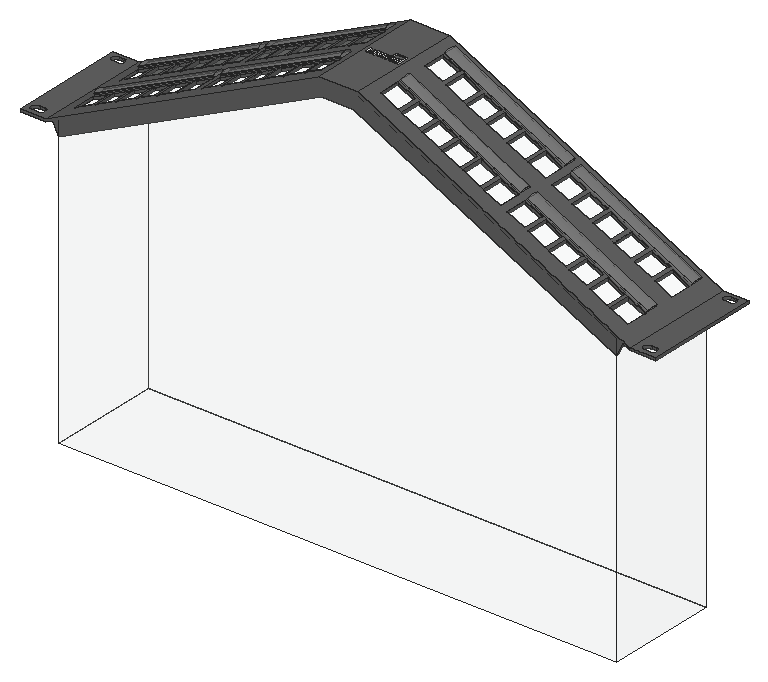
Revit family "Data_Device-Network-Leviton-Patch_Panel-Angled", category Data Devices, host Face, Revit 2024 (continued)
Automatic sketch dimensions
  curve 52 to plane 7 "Recess" = 0.19682"
  curve 52 to plane 17 = 0.40894"
  plane 29 "Connector Host" to curve 53 = 0.03543"
  curve 53 to plane 17 = 0.22251"
  curve 54 to plane 17 = 0.02725"
  curve 57 to plane 17 = 0.01000"
  curve 55 to plane 5 "Right" = 0.00000"
  plane 3 "Center (Left/Right)" to curve 50 = 0.46801"
  curve 49 to plane 3 "Center (Left/Right)" = 0.46801"
  curve 64 to plane 7 "Recess" = 0.19682"
  plane 16 to curve 64 = 0.40894"
  plane 29 "Connector Host" to curve 63 = 0.03543"
  plane 16 to curve 63 = 0.22251"
  plane 16 to curve 63 = 0.02725"
  plane 16 to curve 59 = 0.01000"
  plane 4 "Left" to curve 60 = 0.00000"
  curve 49 to plane 30 "Front" = 0.50000"
  plane 24 to Extrusion 10 sketch curve = 0.07833"  (x2)
  plane 24 to Extrusion 10 sketch curve = 0.36536"  (x2)
  plane 24 to Extrusion 10 sketch curve = 0.41007"
  Extrusion 10 sketch curve to Extrusion 10 sketch curve = 0.09168"  (x20)
  plane 24 to Extrusion 10 sketch curve = 0.37861"  (x2)
  Extrusion 10 sketch curve to Extrusion 10 sketch curve = 0.01534"  (x24)
  plane 24 to Extrusion 10 sketch curve = 0.66564"  (x2)
  plane 24 to Extrusion 10 sketch curve = 0.71036"
  plane 24 to Extrusion 10 sketch curve = 0.67890"  (x2)
  plane 24 to Extrusion 10 sketch curve = 0.96593"  (x2)
  plane 24 to Extrusion 10 sketch curve = 1.01064"
  plane 24 to Extrusion 10 sketch curve = 0.97918"  (x2)
  plane 24 to Extrusion 10 sketch curve = 1.26621"  (x2)
  plane 24 to Extrusion 10 sketch curve = 1.31093"
  plane 24 to Extrusion 10 sketch curve = 1.27947"
  plane 24 to Extrusion 10 sketch curve = 1.56650"  (x2)
  plane 24 to Extrusion 10 sketch curve = 1.61121"
  plane 24 to Extrusion 10 sketch curve = 1.57976"
  plane 24 to Extrusion 10 sketch curve = 1.86679"  (x2)
  Extrusion 10 sketch curve to Extrusion 10 sketch curve = 0.19054"  (x2)
  Extrusion 10 sketch curve to plane 30 "Front" = 1.92465"
  Extrusion 10 sketch curve to plane 30 "Front" = 1.63762"  (x2)
  Extrusion 10 sketch curve to Extrusion 10 sketch curve = 0.52400"  (x5)
  Extrusion 10 sketch curve to plane 30 "Front" = 1.59291"
  Extrusion 10 sketch curve to plane 30 "Front" = 1.62437"  (x2)
  Extrusion 10 sketch curve to plane 30 "Front" = 1.33734"  (x2)
  Extrusion 10 sketch curve to plane 30 "Front" = 1.29262"
  Extrusion 10 sketch curve to plane 30 "Front" = 1.32408"  (x2)
  Extrusion 10 sketch curve to plane 30 "Front" = 1.03705"  (x2)
  Extrusion 10 sketch curve to plane 30 "Front" = 0.99234"
  Extrusion 10 sketch curve to plane 30 "Front" = 1.02380"  (x2)
  Extrusion 10 sketch curve to plane 30 "Front" = 0.73677"  (x2)
  Extrusion 10 sketch curve to plane 30 "Front" = 0.69205"
  Extrusion 10 sketch curve to plane 30 "Front" = 0.72351"  (x2)
  Extrusion 10 sketch curve to plane 30 "Front" = 0.43648"  (x2)
  Extrusion 10 sketch curve to plane 30 "Front" = 0.39177"
  Extrusion 10 sketch curve to plane 30 "Front" = 0.42322"  (x2)
  Extrusion 10 sketch curve to plane 30 "Front" = 0.13619"  (x2)
  Extrusion 10 sketch curve to plane 30 "Front" = 0.16765"
  Extrusion 10 sketch curve to plane 3 "Center (Left/Right)" = 0.85879"
  Extrusion 10 sketch curve to plane 30 "Front" = 0.46794"
  Extrusion 10 sketch curve to plane 30 "Front" = 0.76822"
  Extrusion 10 sketch curve to plane 30 "Front" = 1.06851"
  Extrusion 10 sketch curve to plane 30 "Front" = 1.36880"
  plane 24 to Extrusion 10 sketch curve = 1.23476"
  plane 24 to Extrusion 10 sketch curve = 0.63418"
  plane 24 to Extrusion 10 sketch curve = 0.33390"  (x2)
  Extrusion 10 sketch curve to Extrusion 10 sketch curve = 0.04471"  (x2)
  Extrusion 10 sketch curve to Extrusion 10 sketch curve = 0.09293"
  Extrusion 11 sketch curve to plane 17 = 0.22100"
  plane 16 to Extrusion 11 sketch curve = 0.27900"
  curve 68 to plane 44 = 0.33500"
  curve 65 to plane 31 "Upper Interior" = 0.01470"
  plane 26 to Extrusion 8 = 0.00000"
  curve 70 to plane 31 "Upper Interior" = 0.01470"
  plane 24 to Extrusion 12 sketch curve = 0.10978"
  Extrusion 12 sketch curve to plane 17 = 0.48059"
  level to Extrusion 12 sketch curve = 0.27833"
  plane 24 to Extrusion 12 sketch curve = 0.36536"
  plane 24 to Extrusion 12 sketch curve = 0.41007"
  Extrusion 12 sketch curve to Extrusion 12 sketch curve = 0.09168"  (x20)
  plane 24 to Extrusion 12 sketch curve = 0.37861"  (x2)
  Extrusion 12 sketch curve to Extrusion 12 sketch curve = 0.01534"  (x22)
  plane 24 to Extrusion 12 sketch curve = 0.66564"  (x2)
  plane 24 to Extrusion 12 sketch curve = 0.71036"
  plane 24 to Extrusion 12 sketch curve = 0.67890"  (x2)
  plane 24 to Extrusion 12 sketch curve = 0.96593"  (x2)
  plane 24 to Extrusion 12 sketch curve = 1.01064"
  plane 24 to Extrusion 12 sketch curve = 0.97918"  (x2)
  plane 24 to Extrusion 12 sketch curve = 1.26621"  (x2)
  plane 24 to Extrusion 12 sketch curve = 1.31093"
  plane 24 to Extrusion 12 sketch curve = 1.27947"
  plane 24 to Extrusion 12 sketch curve = 1.56650"  (x2)
  plane 24 to Extrusion 12 sketch curve = 1.61121"
  plane 24 to Extrusion 12 sketch curve = 1.57976"
  plane 24 to Extrusion 12 sketch curve = 1.86679"  (x2)
  Extrusion 12 sketch curve to plane 30 "Front" = 1.89320"
  Extrusion 12 sketch curve to Extrusion 12 sketch curve = 0.19054"  (x2)
  Extrusion 12 sketch curve to plane 30 "Front" = 1.92465"
  Extrusion 12 sketch curve to plane 30 "Front" = 1.63762"  (x2)
  Extrusion 12 sketch curve to plane 30 "Front" = 1.59291"
  Extrusion 12 sketch curve to plane 30 "Front" = 1.62437"  (x2)
  Extrusion 12 sketch curve to plane 30 "Front" = 1.33734"  (x2)
  Extrusion 12 sketch curve to plane 30 "Front" = 1.29262"
  Extrusion 12 sketch curve to plane 30 "Front" = 1.32408"  (x2)
  Extrusion 12 sketch curve to plane 30 "Front" = 1.03705"  (x2)
  Extrusion 12 sketch curve to plane 30 "Front" = 0.99234"
  Extrusion 12 sketch curve to plane 30 "Front" = 1.02380"  (x2)
  Extrusion 12 sketch curve to plane 30 "Front" = 0.73677"  (x2)
  Extrusion 12 sketch curve to plane 30 "Front" = 0.69205"
  Extrusion 12 sketch curve to plane 30 "Front" = 0.72351"  (x2)
  Extrusion 12 sketch curve to plane 30 "Front" = 0.43648"  (x2)
  Extrusion 12 sketch curve to plane 30 "Front" = 0.39177"
  Extrusion 12 sketch curve to plane 30 "Front" = 0.42322"  (x2)
  Extrusion 12 sketch curve to plane 30 "Front" = 0.13619"  (x2)
  Extrusion 12 sketch curve to plane 30 "Front" = 0.16765"
  Extrusion 12 sketch curve to plane 3 "Center (Left/Right)" = 0.85879"
  Extrusion 12 sketch curve to plane 30 "Front" = 0.46794"
  Extrusion 12 sketch curve to plane 30 "Front" = 0.76822"
  Extrusion 12 sketch curve to plane 30 "Front" = 1.06851"
  Extrusion 12 sketch curve to plane 30 "Front" = 1.36880"
  Extrusion 12 sketch curve to Extrusion 12 sketch curve = 0.52400"  (x4)
  plane 24 to Extrusion 12 sketch curve = 1.23476"
  plane 24 to Extrusion 12 sketch curve = 0.63418"
  plane 24 to Extrusion 12 sketch curve = 0.33390"
  level to Extrusion 12 sketch curve = 0.56536"
  plane 24 to Extrusion 12 sketch curve = 0.07833"
  Extrusion 12 sketch curve to Extrusion 12 sketch curve = 0.04471"  (x2)
  Extrusion 12 sketch curve to Extrusion 12 sketch curve = 0.09293"
  plane 3 "Center (Left/Right)" to Extrusion 10 sketch curve = 0.85879"
  plane 23 to Extrusion 5 sketch curve = 0.15905"  (x2)
  plane 3 "Center (Left/Right)" to Extrusion 5 sketch curve = 0.45415"
  Extrusion 5 sketch curve to plane 3 "Center (Left/Right)" = 0.45416"
  Extrusion 5 sketch curve to Extrusion 5 sketch curve = 0.10255"
  plane 29 "Connector Host" to Extrusion 5 sketch curve = 0.03543"
  plane 16 to Extrusion 5 sketch curve = 0.43525"
  plane 44 to curve 73 = 0.33500"
  plane 16 to Sweep 13 sketch curve = 0.48278"
  Sweep 13 sketch curve to profile plane = 0.25915"
  profile plane to Sweep 13 sketch curve = 0.05109"
  Sweep 13 sketch curve to Sweep 13 sketch curve = 0.00000"
  plane 9 "Bottom" to Sweep 13 sketch curve = 1.18500"
  Sweep 13 sketch curve to Sweep 13 sketch curve = 0.19000"
  Sweep 13 sketch curve to profile plane = 0.00000"
  Extrusion 14 sketch curve to Extrusion 14 sketch curve = 0.06926"
  plane 30 "Front" to Extrusion 14 sketch curve = 0.12895"  (x2)
  plane 33 to Extrusion 14 sketch curve = 0.00000"
  Extrusion 14 sketch curve to plane 30 "Front" = 1.62604"
  Extrusion 14 sketch curve to plane 32 = 0.00000"
  Extrusion 14 sketch curve to Extrusion 14 sketch curve = 0.13151"
  plane 33 to Sweep 15 sketch curve = 0.00000"  (x2)
  Sweep 15 sketch curve to plane 30 "Front" = 0.00000"
  Sweep 15 sketch curve to plane 32 = 0.00000"  (x2)
  plane 24 to Sweep 15 sketch curve = 0.10529"  (x2)
  Sweep 15 sketch curve to profile plane = 0.00000"
  Sweep 15 sketch curve to Sweep 15 sketch curve = 0.05109"  (x4)
  Sweep 15 sketch curve to profile plane = 0.25915"
Nested families (in)
  nested 1: "Symbol" at (-0.9065, -0.81578, 0), type <- "Annotation Symbol", visible <- "Annotation Symbol is Visible", type "Data"
  nested 2: "Levinton-Logo" at (-0.9065, -0.63558, 4.05292), type "Levinton-Logo"
  nested 3: "Levinton-Numbers_Angled" at (-5.48988, -1.98422, 2.10203) x (0.8988, 0, 0.4384) z (-0.4384, 0, 0.8988), visible <- "z Is Visible 2RU", type "Levinton-Numbers_Angled"
    with Numbers 37 to 48 no, Numbers 25 to 36 yes, Numbers 13 to 24 no, Numbers 1 to 12 no
  nested 4: "Levinton-Numbers_Angled" at (-5.48988, -0.315, 2.10203) x (0.8988, 0, 0.4384) z (-0.4384, 0, 0.8988), visible <- "z Is Visible 2RU", type "Levinton-Numbers_Angled"
    with Numbers 37 to 48 no, Numbers 25 to 36 no, Numbers 13 to 24 no, Numbers 1 to 12 yes
  nested 5: "Levinton-Numbers_Angled" at (3.65168, -1.98422, 2.11432) x (0.8988, 0, -0.4384) z (0.4384, 0, 0.8988), visible <- "z Is Visible 2RU", type "Levinton-Numbers_Angled"
    with Numbers 37 to 48 yes, Numbers 25 to 36 no, Numbers 13 to 24 no, Numbers 1 to 12 no
  nested 6: "Levinton-Numbers_Angled" at (3.65168, -0.315, 2.11432) x (0.8988, 0, -0.4384) z (0.4384, 0, 0.8988), visible <- "z Is Visible 2RU", type "Levinton-Numbers_Angled"
    with Numbers 37 to 48 no, Numbers 25 to 36 no, Numbers 13 to 24 yes, Numbers 1 to 12 no
  nested 7: "Levinton-Numbers_Angled" at (-5.48988, -1.98422, 2.10203) x (0.8988, 0, 0.4384) z (-0.4384, 0, 0.8988), visible <- "z Has 24 Ports", type "Levinton-Numbers_Angled"
    with Numbers 37 to 48 no, Numbers 25 to 36 no, Numbers 13 to 24 no, Numbers 1 to 12 yes
  nested 8: "Levinton-Numbers_Angled" at (3.65168, -1.98422, 2.11432) x (0.8988, 0, -0.4384) z (0.4384, 0, 0.8988), visible <- "z Has 24 Ports", type "Levinton-Numbers_Angled"
    with Numbers 37 to 48 no, Numbers 25 to 36 no, Numbers 13 to 24 yes, Numbers 1 to 12 no
Definition of nested family "Levinton-Logo"
  Parameters (values of type "Levinton-Logo")
    Default Elevation = 48.00000"
  Reference planes (in)
    plane 1 "Center (Front/Back)": y = 0
    plane 2: z = 0
    plane 3 "Center (Left/Right)": x = 0
    plane 4: x = -0.47832
    plane 5: x = 0.47832
    plane 6 "Logo Bottom": z = -0.01563
    plane 7: y = 0.33993
    plane 8: y = 0.16996
  Forms (in)
    Extrusion 1, solid
      sketch origin (0, 0, -0.01563) x (-1, 0, 0) y (0, -1, 0)
        loop
          line (0.37208, -0.04145) -> (0.43368, -0.04145) -> (0.43368, -0.16616) -> (0.47832, -0.16616) -> (0.47832, 0) -> (0.37208, 0) -> (0.37208, -0.04145)
        loop
          line (0.23363, -0.16616) -> (0.35056, -0.16616) -> (0.35056, 0) -> (0.23363, 0) -> (0.23363, -0.04145) -> (0.30592, -0.04145) -> (0.30592, -0.1247) -> (0.23363, -0.1247) -> (0.23363, -0.16616)
        loop
          line (0.2121, -0.16616) -> (0.15875, 0) -> (0.10602, 0) -> (0.05266, -0.16616) -> (0.10037, -0.16616) -> (0.13238, -0.06378) -> (0.1644, -0.16616) -> (0.2121, -0.16616)
        loop
          line (-0.01351, 0) -> (-0.01351, -0.16616) -> (0.03114, -0.16616) -> (0.03114, 0) -> (-0.01351, 0)
        loop
          line (-0.07341, -0.1247) -> (-0.07341, 0) -> (-0.11805, 0) -> (-0.11805, -0.11799) -> (-0.15632, -0.11799) -> (-0.15632, -0.07972)
          arc (-0.15632, -0.07972) -> (-0.17967, -0.02335) -> (-0.23604, 0) r 0.07972
          line (-0.23604, 0) -> (-0.47832, 0) -> (-0.47832, -0.33993) -> (-0.15632, -0.33993) -> (-0.15632, -0.16616) -> (-0.03514, -0.16616) -> (-0.03514, -0.1247) -> (-0.07341, -0.1247)
        loop
          arc (-0.16474, -0.11538) -> (-0.29241, -0.13609) -> (-0.27169, -0.00842) r 0.07972
          line (-0.27169, -0.00842) -> (-0.33821, -0.00842) -> (-0.33821, -0.16616) -> (-0.37422, -0.16616) -> (-0.43368, -0.07972) -> (-0.43368, -0.16616) -> (-0.4699, -0.16616) -> (-0.4699, -0.33151) -> (-0.16474, -0.33151) -> (-0.16474, -0.11538)
        loop
          circle (-0.23604, -0.07972) r 0.03827
        loop
          line (-0.38285, -0.07972) -> (-0.38285, -0.00842) -> (-0.43575, -0.00842) -> (-0.38285, -0.07972)
      from 0 to 0.03125
    Extrusion 2, solid
      sketch origin (0, 0, -0.01563) x (-1, 0, 0) y (0, -1, 0)
        loop
          line (0.25372, -0.07049) -> (0.25372, -0.10238) -> (0.30592, -0.10238) -> (0.30592, -0.07049) -> (0.25372, -0.07049)
      from 0 to 0.03125
  Cuts and joins
    joined: Extrusion 1, Extrusion 2
  Dimensions and locks (in)
    plane 4 to plane 3 "Center (Left/Right)" to plane 5 = 0.47832" locked, 0.47832" locked
    locked: plane 2 to plane 6 "Logo Bottom" at 0.01562
    equal spacing: plane 7, plane 8, plane 1 "Center (Front/Back)"
    locked: plane 7 to plane 1 "Center (Front/Back)" at 0.33993
  Automatic sketch dimensions
    Extrusion 1 sketch curve to Extrusion 1 sketch curve = 0.00000"  (x13)
    Extrusion 1 sketch curve to plane 5 = 0.00000"
    plane 1 "Center (Front/Back)" to Extrusion 1 sketch curve = 0.00000"  (x6)
    Extrusion 1 sketch curve to plane 7 = 0.00000"
    Extrusion 1 sketch curve to plane 4 = 0.00000"
    Extrusion 1 sketch curve to plane 8 = 0.00381"  (x8)
    Extrusion 1 sketch curve to plane 5 = 0.00842"
    Extrusion 1 sketch curve to plane 1 "Center (Front/Back)" = 0.00842"  (x2)
    Extrusion 1 sketch curve to plane 5 = 0.04257"
    Extrusion 1 sketch curve to Extrusion 1 sketch curve = 0.03622"
    Extrusion 1 sketch curve to Extrusion 1 sketch curve = 0.05083"
    Extrusion 1 sketch curve to Extrusion 1 sketch curve = 0.05946"
    Extrusion 1 sketch curve to Extrusion 1 sketch curve = 0.03602"
    Extrusion 1 sketch curve to Extrusion 1 sketch curve = 0.06651"
    Extrusion 1 sketch curve to Extrusion 1 sketch curve = 0.03566"
    Extrusion 1 sketch curve to plane 7 = 0.00842"
    plane 3 "Center (Left/Right)" to Extrusion 1 sketch curve = 0.16474"
    Extrusion 1 sketch curve to Extrusion 1 sketch curve = 0.00842"  (x2)
    Extrusion 1 sketch curve to Extrusion 1 sketch curve = 0.03827"  (x2)
    Extrusion 1 sketch curve to Extrusion 1 sketch curve = 0.04464"  (x2)
    plane 3 "Center (Left/Right)" to Extrusion 1 sketch curve = 0.03514"
    plane 3 "Center (Left/Right)" to Extrusion 1 sketch curve = 0.01351"
    Extrusion 1 sketch curve to plane 3 "Center (Left/Right)" = 0.03114"
    Extrusion 1 sketch curve to Extrusion 1 sketch curve = 0.02152"  (x3)
    Extrusion 1 sketch curve to Extrusion 1 sketch curve = 0.04771"  (x2)
    Extrusion 1 sketch curve to Extrusion 1 sketch curve = 0.07488"  (x2)
    Extrusion 1 sketch curve to plane 1 "Center (Front/Back)" = 0.06378"
    Extrusion 1 sketch curve to Extrusion 1 sketch curve = 0.02636"
    Extrusion 1 sketch curve to Extrusion 1 sketch curve = 0.05273"
    Extrusion 1 sketch curve to Extrusion 1 sketch curve = 0.06403"
    Extrusion 1 sketch curve to Extrusion 1 sketch curve = 0.07229"
    plane 4 to Extrusion 1 sketch curve = 0.04464"
    Extrusion 1 sketch curve to Extrusion 1 sketch curve = 0.04145"  (x2)
    Extrusion 1 sketch curve to Extrusion 1 sketch curve = 0.00261"
    Extrusion 1 sketch curve to Extrusion 1 sketch curve = 0.07130"
    Extrusion 1 sketch curve to plane 1 "Center (Front/Back)" = 0.04145"  (x2)
    Extrusion 2 sketch curve to plane 8 = 0.06758"
    plane 4 to Extrusion 2 sketch curve = 0.22460"
    Extrusion 2 sketch curve to Extrusion 2 sketch curve = 0.05220"
    Extrusion 2 sketch curve to Extrusion 2 sketch curve = 0.03189"
Definition of nested family "Symbol"
  Parameters
    Tel Data = no
    Phone = no
    Data = yes
  Reference planes (in)
    plane 1: y = 0
    plane 2: x = 0
  Lines and regions (in)
    Filled region 1, type "Solid Black", visible <- "Tel Data"
      outline origin (0, 0, 0) x (1, 0, 0) y (0, 1, 0)
        loop
          line (0, 0) -> (0.0654, 0.11328) -> (0, 0.11328) -> (0, 0)
    Filled region 2, type "Solid Black", visible <- "Phone"
      outline origin (0, 0, 0) x (1, 0, 0) y (0, 1, 0)
        loop
          line (0, 0) -> (0.0654, 0.11328) -> (-0.0654, 0.11328) -> (0, 0)
    Filled region 3, type "White", visible <- "Data"
      outline origin (0, 0, 0) x (1, 0, 0) y (0, 1, 0)
        loop
          line (0, 0) -> (0.0654, 0.11328) -> (-0.0654, 0.11328) -> (0, 0)
    Filled region 4, type "White", visible <- "Tel Data"
      outline origin (0, 0, 0) x (1, 0, 0) y (0, 1, 0)
        loop
          line (0, 0.11328) -> (-0.0654, 0.11328) -> (0, 0) -> (0, 0.11328)
Definition of nested family "Levinton-Numbers_Angled"
  Parameters (values of type "Levinton-Numbers_Angled")
    Numbers 37 to 48 [instance] = yes
    Numbers 25 to 36 [instance] = yes
    Numbers 13 to 24 [instance] = yes
    Numbers 1 to 12 [instance] = yes
    Default Elevation = 48.00000"
  Reference planes (in)
    plane 1 "Center (Front/Back)": y = 0
    plane 2: z = 0
    plane 3 "Center (Left/Right)": x = 0
    plane 4: y = 0.0609
    plane 5: y = -0.0617
  Dimensions and locks (in)
    aligned and locked: level to plane 2
Types (7): name | z 2RU with Screen | z 1RU with Screen | z 1 Y Offset 5 | z 2RU with Lens | z 1RU with Lens | z Leviton Type | z Is Visible 2RU | z Height | z Has 48 Ports 1RU | z Has 48 Ports | z Has 24 Ports | z 1 Y Offset 4 | z 1 Y Offset 3 | z 1 Y Offset 2 | z 1 Y Offset 1 | Shielded | Rack Spaces RU | Product Documentation Link | Part Number | Part Description | Has ID Windows | Description
  1RU, 24-Port | no | yes | 0.45000" | no | no | 110 | no | 1.72500" | no | no | yes | 0.16000" | 18.00000" | 18.00000" | 0.60000" | no | 1 | "Leviton_49256-Hxx_49256-Dxx_49256-Lxx_Angled_QuickPort_Patch_Panels.pdf" | "49256-H24" | "Angled QuickPort Patch Panel, 24-port, 1RU" | no | "Angled QuickPort Patch Panel, 24-port, 1RU"
  2RU, 48-Port, Shielded | yes | no | 0.45000" | no | no | 221 | yes | 3.47500" | no | yes | no | 18.00000" | 2.30700" | 2.30700" | 0.63900" | yes | 2 | "Leviton_4S256-Sxx_AtlasX1_Shielded_Angled_QuickPort_Patch_Panels.pdf" | "4S256-S48" | "ATLAS-X1 Shielded Angled QuickPort Patch Panel, 48 ports, 2RU, black" | no | "ATLAS-X1 Shielded Angled QuickPort Patch Panel, 48 ports, 2RU, black"
  2RU, 48-Port | yes | no | 0.45000" | no | no | 220 | yes | 3.47500" | no | yes | no | 18.00000" | 2.30700" | 2.30700" | 0.63900" | no | 2 | "Leviton_49256-Hxx_49256-Dxx_49256-Lxx_Angled_QuickPort_Patch_Panels.pdf" | "49256-H48" | "Angled QuickPort Patch Panel, 48-port, 2RU" | no | "Angled QuickPort Patch Panel, 48-port, 2RU"
  1RU, 48-Port, High Density | no | no | 0.45000" | no | no | 120 | no | 1.72500" | yes | no | no | 18.00000" | 1.01910" | 1.01910" | 0.20590" | no | 1 | "https://www.leviton.com/en/docs/Leviton_49256-Hxx_49256-Dxx_49256-Lxx_Angled_QuickPort_Patch_Panels.pdf" | "49256-D48" | "Angled QuickPort High-Density Patch Panel, 48-port, 1RU" | no | "Angled QuickPort High-Density Patch Panel, 48-port, 1RU"
  1RU, 24-Port, Shielded | no | yes | 0.45000" | no | no | 111 | no | 1.72500" | no | no | yes | 0.16000" | 18.00000" | 18.00000" | 0.60000" | yes | 1 | "Leviton_4S256-Sxx_AtlasX1_Shielded_Angled_QuickPort_Patch_Panels.pdf" | "4S256-S24" | "ATLAS-X1 Shielded Angled QuickPort Patch Panel, 24 ports, 1RU, black" | no | "ATLAS-X1 Shielded Angled QuickPort Patch Panel, 24 ports, 1RU, black"
  1RU, 24-Port, with Lens | no | no | 0.45000" | no | yes | 112 | no | 1.72500" | no | no | yes | 0.16000" | 18.00000" | 18.00000" | 0.60000" | no | 1 | "Leviton_49256-Hxx_49256-Dxx_49256-Lxx_Angled_QuickPort_Patch_Panels.pdf" | "49256-L24" | "Angled QuickPort Patch Panel, 24-port, 1RU, with Magnifying Lens" | yes | "Angled QuickPort Patch Panel, 24-port, 1RU, with Magnifying Lens"
  2RU, 48-Port, with Lens | no | no | 1.50000" | yes | no | 222 | yes | 3.47500" | no | yes | no | 18.00000" | 2.30700" | 2.30700" | 0.63900" | no | 2 | "Leviton_49256-Hxx_49256-Dxx_49256-Lxx_Angled_QuickPort_Patch_Panels.pdf" | "49256-L48" | "Angled QuickPort Patch Panel, 48-port, 2RU, with Mangnifying Lens" | yes | "Angled QuickPort Patch Panel, 48-port, 2RU, with Mangnifying Lens"
